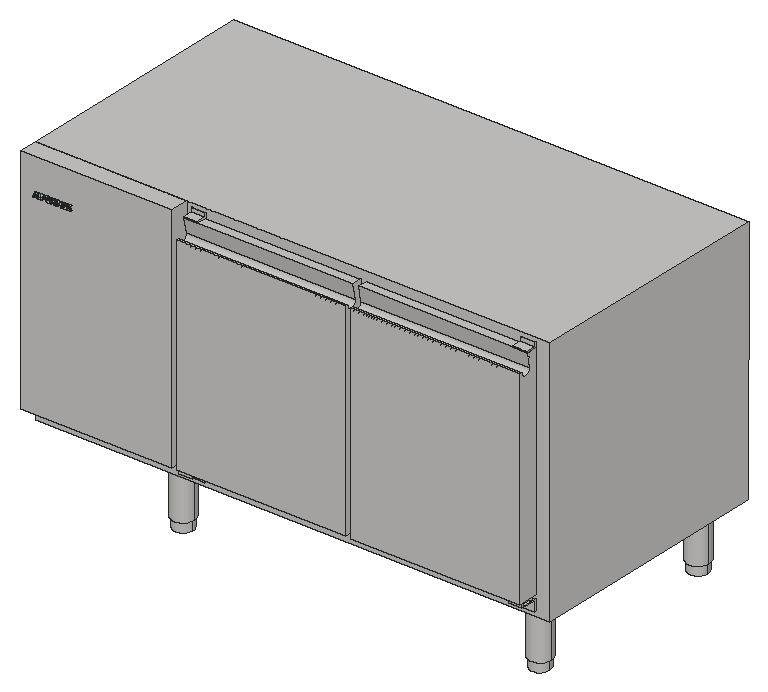
Revit family "QF_ALPENINOX_712675_AJ2F7AA", category Specialty Equipment, Revit 2018 (continued)
Definition of nested family "APX_BI_BT_L_650"
  Automatic sketch dimensions
    Extrusion 4 sketch curve to Extrusion 4 sketch curve = 0.31 mm  (x2)
    Extrusion 4 sketch curve to Extrusion 4 sketch curve = 0.473 mm
    Extrusion 4 sketch curve to Extrusion 4 sketch curve = 0.171 mm
    Extrusion 4 sketch curve to Extrusion 4 sketch curve = 0.674 mm
    Extrusion 4 sketch curve to Extrusion 4 sketch curve = 1.992 mm
    Extrusion 4 sketch curve to Extrusion 4 sketch curve = 5.4 mm
    Extrusion 4 sketch curve to Extrusion 4 sketch curve = 3.473 mm  (x2)
    Extrusion 4 sketch curve to Extrusion 4 sketch curve = 2.32 mm
    Extrusion 4 sketch curve to Extrusion 4 sketch curve = 2.431 mm
    Extrusion 4 sketch curve to Extrusion 4 sketch curve = 1.177 mm
    Extrusion 4 sketch curve to Extrusion 4 sketch curve = 0.966 mm
    Extrusion 4 sketch curve to Extrusion 4 sketch curve = 2.544 mm
    Extrusion 4 sketch curve to Extrusion 4 sketch curve = 0.346 mm
    Extrusion 4 sketch curve to Extrusion 4 sketch curve = 0.037 mm
    Extrusion 4 sketch curve to Extrusion 4 sketch curve = 2.58 mm  (x2)
    Extrusion 4 sketch curve to Extrusion 4 sketch curve = 0.793 mm  (x2)
    Extrusion 4 sketch curve to Extrusion 4 sketch curve = 0.276 mm
    Extrusion 4 sketch curve to Extrusion 4 sketch curve = 3.452 mm  (x2)
    Extrusion 4 sketch curve to Extrusion 4 sketch curve = 1.238 mm
    Extrusion 4 sketch curve to Extrusion 4 sketch curve = 3.023 mm
    Extrusion 4 sketch curve to Extrusion 4 sketch curve = 0.834 mm  (x2)
    Extrusion 4 sketch curve to Extrusion 4 sketch curve = 0.529 mm
    Extrusion 4 sketch curve to Extrusion 4 sketch curve = 0.823 mm  (x2)
    Extrusion 4 sketch curve to Extrusion 4 sketch curve = 0.947 mm
    Extrusion 4 sketch curve to Extrusion 4 sketch curve = 3.837 mm
    Extrusion 4 sketch curve to Extrusion 4 sketch curve = 0.623 mm
    Extrusion 4 sketch curve to Extrusion 4 sketch curve = 1.082 mm
    Extrusion 4 sketch curve to Extrusion 4 sketch curve = 0.801 mm
    Extrusion 4 sketch curve to Extrusion 4 sketch curve = 1 mm
    Extrusion 4 sketch curve to Extrusion 4 sketch curve = 0.089 mm
    Extrusion 4 sketch curve to Extrusion 4 sketch curve = 4.257 mm
    Extrusion 4 sketch curve to Extrusion 4 sketch curve = 4.345 mm  (x2)
    Extrusion 4 sketch curve to Extrusion 4 sketch curve = 2.576 mm
    Extrusion 4 sketch curve to Extrusion 4 sketch curve = 1.385 mm  (x4)
    Extrusion 4 sketch curve to Extrusion 4 sketch curve = 2.133 mm  (x4)
    Extrusion 4 sketch curve to Extrusion 4 sketch curve = 3.518 mm
    Extrusion 4 sketch curve to Extrusion 4 sketch curve = 3.032 mm
    Split face 198 sketch curve to Extrusion 2 = 0 mm  (x2)
    Split face 198 sketch curve to Extrusion 2 = 34 mm
    Split face 198 sketch curve to Extrusion 2 = 104 mm
    Split face 198 sketch curve to Split face 198 sketch curve = 17.5 mm
    Split face 134 sketch curve to Extrusion 2 = 135.544 mm
    Split face 134 sketch curve to Extrusion 2 = 128.176 mm
    Split face 135 sketch curve to Extrusion 2 = 80.544 mm
    Split face 135 sketch curve to Extrusion 2 = 128.176 mm
    Split face 136 sketch curve to Extrusion 2 = 135.544 mm
    Split face 136 sketch curve to Extrusion 2 = 140.176 mm
    Split face 137 sketch curve to Extrusion 2 = 80.544 mm
    Split face 137 sketch curve to Extrusion 2 = 140.176 mm
    Split face 138 sketch curve to Extrusion 2 = 135.544 mm
    Split face 138 sketch curve to Extrusion 2 = 152.176 mm
    Split face 139 sketch curve to Extrusion 2 = 80.544 mm
    Split face 139 sketch curve to Extrusion 2 = 152.176 mm
    Split face 140 sketch curve to Extrusion 2 = 135.544 mm
    Split face 140 sketch curve to Extrusion 2 = 164.176 mm
    Split face 141 sketch curve to Extrusion 2 = 80.544 mm
    Split face 141 sketch curve to Extrusion 2 = 164.176 mm
    Split face 142 sketch curve to Extrusion 2 = 135.544 mm
    Split face 142 sketch curve to Extrusion 2 = 176.176 mm
    Split face 143 sketch curve to Extrusion 2 = 80.544 mm
    Split face 143 sketch curve to Extrusion 2 = 176.176 mm
    Split face 144 sketch curve to Extrusion 2 = 135.544 mm
    Split face 144 sketch curve to Extrusion 2 = 188.176 mm
    Split face 145 sketch curve to Extrusion 2 = 80.544 mm
    Split face 145 sketch curve to Extrusion 2 = 188.176 mm
    Split face 146 sketch curve to Extrusion 2 = 135.544 mm
    Split face 146 sketch curve to Extrusion 2 = 200.176 mm
    Split face 147 sketch curve to Extrusion 2 = 80.544 mm
    Split face 147 sketch curve to Extrusion 2 = 200.176 mm
    Split face 148 sketch curve to Extrusion 2 = 135.544 mm
    Split face 148 sketch curve to Extrusion 2 = 212.176 mm
    Split face 149 sketch curve to Extrusion 2 = 80.544 mm
    Split face 149 sketch curve to Extrusion 2 = 212.176 mm
    Split face 150 sketch curve to Extrusion 2 = 135.544 mm
    Split face 150 sketch curve to Extrusion 2 = 224.176 mm
    Split face 151 sketch curve to Extrusion 2 = 80.544 mm
    Split face 151 sketch curve to Extrusion 2 = 224.176 mm
    Split face 152 sketch curve to Extrusion 2 = 135.544 mm
    Split face 152 sketch curve to Extrusion 2 = 236.176 mm
    Split face 153 sketch curve to Extrusion 2 = 80.544 mm
    Split face 153 sketch curve to Extrusion 2 = 236.176 mm
    Split face 154 sketch curve to Extrusion 2 = 135.544 mm
    Split face 154 sketch curve to Extrusion 2 = 248.176 mm
    Split face 155 sketch curve to Extrusion 2 = 80.544 mm
    Split face 155 sketch curve to Extrusion 2 = 248.176 mm
    Split face 156 sketch curve to Extrusion 2 = 135.544 mm
    Split face 156 sketch curve to Extrusion 2 = 260.176 mm
    Split face 157 sketch curve to Extrusion 2 = 80.544 mm
    Split face 157 sketch curve to Extrusion 2 = 260.176 mm
    Split face 158 sketch curve to Extrusion 2 = 135.544 mm
    Split face 158 sketch curve to Extrusion 2 = 272.176 mm
    Split face 159 sketch curve to Extrusion 2 = 80.544 mm
    Split face 159 sketch curve to Extrusion 2 = 272.176 mm
    Split face 160 sketch curve to Extrusion 2 = 135.544 mm
    Split face 160 sketch curve to Extrusion 2 = 284.176 mm
    Split face 161 sketch curve to Extrusion 2 = 80.544 mm
    Split face 161 sketch curve to Extrusion 2 = 284.176 mm
    Split face 162 sketch curve to Extrusion 2 = 135.544 mm
    Split face 162 sketch curve to Extrusion 2 = 296.176 mm
    Split face 163 sketch curve to Extrusion 2 = 80.544 mm
    Split face 163 sketch curve to Extrusion 2 = 296.176 mm
    Split face 164 sketch curve to Extrusion 2 = 135.544 mm
    Split face 164 sketch curve to Extrusion 2 = 308.176 mm
    Split face 165 sketch curve to Extrusion 2 = 80.544 mm
    Split face 165 sketch curve to Extrusion 2 = 308.176 mm
    Split face 166 sketch curve to Extrusion 2 = 135.544 mm
    Split face 166 sketch curve to Extrusion 2 = 192.174 mm
    Split face 167 sketch curve to Extrusion 2 = 80.544 mm
    Split face 167 sketch curve to Extrusion 2 = 192.174 mm
    Split face 168 sketch curve to Extrusion 2 = 135.544 mm
    Split face 168 sketch curve to Extrusion 2 = 180.174 mm
    Split face 169 sketch curve to Extrusion 2 = 80.544 mm
    Split face 169 sketch curve to Extrusion 2 = 180.174 mm
    Split face 170 sketch curve to Extrusion 2 = 135.544 mm
    Split face 170 sketch curve to Extrusion 2 = 168.174 mm
    Split face 171 sketch curve to Extrusion 2 = 80.544 mm
    Split face 171 sketch curve to Extrusion 2 = 168.174 mm
    Split face 172 sketch curve to Extrusion 2 = 135.544 mm
    Split face 172 sketch curve to Extrusion 2 = 156.174 mm
    Split face 173 sketch curve to Extrusion 2 = 80.544 mm
    Split face 173 sketch curve to Extrusion 2 = 156.174 mm
    Split face 174 sketch curve to Extrusion 2 = 135.544 mm
    Split face 174 sketch curve to Extrusion 2 = 144.174 mm
    Split face 175 sketch curve to Extrusion 2 = 80.544 mm
    Split face 175 sketch curve to Extrusion 2 = 144.174 mm
    Split face 176 sketch curve to Extrusion 2 = 135.544 mm
    Split face 176 sketch curve to Extrusion 2 = 132.174 mm
    Split face 177 sketch curve to Extrusion 2 = 80.544 mm
    Split face 177 sketch curve to Extrusion 2 = 132.174 mm
    Split face 178 sketch curve to Extrusion 2 = 135.544 mm
    Split face 178 sketch curve to Extrusion 2 = 120.174 mm
    Split face 179 sketch curve to Extrusion 2 = 80.544 mm
    Split face 179 sketch curve to Extrusion 2 = 120.174 mm
    Split face 180 sketch curve to Extrusion 2 = 135.544 mm
    Split face 180 sketch curve to Extrusion 2 = 108.174 mm
    Split face 181 sketch curve to Extrusion 2 = 80.544 mm
    Split face 181 sketch curve to Extrusion 2 = 108.174 mm
    Split face 182 sketch curve to Extrusion 2 = 135.544 mm
    Split face 182 sketch curve to Extrusion 2 = 96.174 mm
    Split face 183 sketch curve to Extrusion 2 = 80.544 mm
    Split face 183 sketch curve to Extrusion 2 = 96.174 mm
    Split face 184 sketch curve to Extrusion 2 = 135.544 mm
    Split face 184 sketch curve to Extrusion 2 = 84.174 mm
    Split face 185 sketch curve to Extrusion 2 = 80.544 mm
    Split face 185 sketch curve to Extrusion 2 = 84.174 mm
    Split face 186 sketch curve to Extrusion 2 = 135.544 mm
    Split face 186 sketch curve to Extrusion 2 = 72.174 mm
    Split face 187 sketch curve to Extrusion 2 = 80.544 mm
    Split face 187 sketch curve to Extrusion 2 = 72.174 mm
    Split face 188 sketch curve to Extrusion 2 = 135.544 mm
    Split face 188 sketch curve to Extrusion 2 = 60.174 mm
    Split face 189 sketch curve to Extrusion 2 = 80.544 mm
    Split face 189 sketch curve to Extrusion 2 = 60.174 mm
    Split face 190 sketch curve to Extrusion 2 = 56.174 mm
    Split face 190 sketch curve to Extrusion 2 = 135.544 mm
    Split face 191 sketch curve to Extrusion 2 = 80.544 mm
    Split face 191 sketch curve to Extrusion 2 = 48.174 mm
    Split face 192 sketch curve to Extrusion 2 = 44.174 mm
    Split face 192 sketch curve to Extrusion 2 = 135.544 mm
    Split face 193 sketch curve to Extrusion 2 = 80.544 mm
    Split face 193 sketch curve to Extrusion 2 = 36.174 mm
    Split face 194 sketch curve to Extrusion 2 = 32.174 mm
    Split face 194 sketch curve to Extrusion 2 = 135.544 mm
    Split face 195 sketch curve to Extrusion 2 = 32.174 mm
    Split face 195 sketch curve to Extrusion 2 = 80.544 mm
    Split face 196 sketch curve to Extrusion 2 = 20.174 mm
    Split face 196 sketch curve to Extrusion 2 = 135.544 mm
    Split face 197 sketch curve to Extrusion 2 = 20.174 mm
    Split face 197 sketch curve to Extrusion 2 = 80.544 mm
    Split face 4 sketch curve to Extrusion 2 = 38.456 mm
    Split face 4 sketch curve to Extrusion 2 = 128.176 mm
    Split face 5 sketch curve to Extrusion 2 = 190.544 mm
    Split face 5 sketch curve to Extrusion 2 = 128.176 mm
    Split face 6 sketch curve to Extrusion 2 = 93.456 mm
    Split face 6 sketch curve to Extrusion 2 = 128.176 mm
    Split face 7 sketch curve to Extrusion 2 = 148.456 mm
    Split face 7 sketch curve to Extrusion 2 = 128.176 mm
    Split face 9 sketch curve to Extrusion 2 = 38.456 mm
    Split face 9 sketch curve to Extrusion 2 = 140.176 mm
    Split face 10 sketch curve to Extrusion 2 = 190.544 mm
    Split face 10 sketch curve to Extrusion 2 = 140.176 mm
    Split face 11 sketch curve to Extrusion 2 = 93.456 mm
    Split face 11 sketch curve to Extrusion 2 = 140.176 mm
    Split face 12 sketch curve to Extrusion 2 = 148.456 mm
    Split face 12 sketch curve to Extrusion 2 = 140.176 mm
    Split face 13 sketch curve to Extrusion 2 = 38.456 mm
    Split face 13 sketch curve to Extrusion 2 = 152.176 mm
    Split face 14 sketch curve to Extrusion 2 = 190.544 mm
    Split face 14 sketch curve to Extrusion 2 = 152.176 mm
    Split face 15 sketch curve to Extrusion 2 = 93.456 mm
    Split face 15 sketch curve to Extrusion 2 = 152.176 mm
    Split face 16 sketch curve to Extrusion 2 = 148.456 mm
    Split face 16 sketch curve to Extrusion 2 = 152.176 mm
    Split face 17 sketch curve to Extrusion 2 = 38.456 mm
    Split face 17 sketch curve to Extrusion 2 = 164.176 mm
    Split face 18 sketch curve to Extrusion 2 = 190.544 mm
    Split face 18 sketch curve to Extrusion 2 = 164.176 mm
    Split face 19 sketch curve to Extrusion 2 = 93.456 mm
    Split face 19 sketch curve to Extrusion 2 = 164.176 mm
    Split face 20 sketch curve to Extrusion 2 = 148.456 mm
    Split face 20 sketch curve to Extrusion 2 = 164.176 mm
    Split face 21 sketch curve to Extrusion 2 = 38.456 mm
    Split face 21 sketch curve to Extrusion 2 = 176.176 mm
    Split face 22 sketch curve to Extrusion 2 = 190.544 mm
    Split face 22 sketch curve to Extrusion 2 = 176.176 mm
    Split face 23 sketch curve to Extrusion 2 = 93.456 mm
    Split face 23 sketch curve to Extrusion 2 = 176.176 mm
    Split face 24 sketch curve to Extrusion 2 = 148.456 mm
    Split face 24 sketch curve to Extrusion 2 = 176.176 mm
    Split face 25 sketch curve to Extrusion 2 = 38.456 mm
    Split face 25 sketch curve to Extrusion 2 = 188.176 mm
    Split face 26 sketch curve to Extrusion 2 = 190.544 mm
    Split face 26 sketch curve to Extrusion 2 = 188.176 mm
    Split face 27 sketch curve to Extrusion 2 = 93.456 mm
    Split face 27 sketch curve to Extrusion 2 = 188.176 mm
    Split face 28 sketch curve to Extrusion 2 = 148.456 mm
    Split face 28 sketch curve to Extrusion 2 = 188.176 mm
    Split face 29 sketch curve to Extrusion 2 = 38.456 mm
    Split face 29 sketch curve to Extrusion 2 = 200.176 mm
    Split face 30 sketch curve to Extrusion 2 = 190.544 mm
    Split face 30 sketch curve to Extrusion 2 = 200.176 mm
    Split face 31 sketch curve to Extrusion 2 = 93.456 mm
    Split face 31 sketch curve to Extrusion 2 = 200.176 mm
    Split face 32 sketch curve to Extrusion 2 = 148.456 mm
    Split face 32 sketch curve to Extrusion 2 = 200.176 mm
    Split face 33 sketch curve to Extrusion 2 = 38.456 mm
    Split face 33 sketch curve to Extrusion 2 = 212.176 mm
    Split face 34 sketch curve to Extrusion 2 = 190.544 mm
    Split face 34 sketch curve to Extrusion 2 = 212.176 mm
    Split face 35 sketch curve to Extrusion 2 = 93.456 mm
    Split face 35 sketch curve to Extrusion 2 = 212.176 mm
    Split face 36 sketch curve to Extrusion 2 = 148.456 mm
    Split face 36 sketch curve to Extrusion 2 = 212.176 mm
    Split face 37 sketch curve to Extrusion 2 = 38.456 mm
    Split face 37 sketch curve to Extrusion 2 = 224.176 mm
    Split face 38 sketch curve to Extrusion 2 = 190.544 mm
    Split face 38 sketch curve to Extrusion 2 = 224.176 mm
    Split face 39 sketch curve to Extrusion 2 = 93.456 mm
    Split face 39 sketch curve to Extrusion 2 = 224.176 mm
    Split face 40 sketch curve to Extrusion 2 = 148.456 mm
    Split face 40 sketch curve to Extrusion 2 = 224.176 mm
    Split face 41 sketch curve to Extrusion 2 = 38.456 mm
    Split face 41 sketch curve to Extrusion 2 = 236.176 mm
    Split face 42 sketch curve to Extrusion 2 = 190.544 mm
    Split face 42 sketch curve to Extrusion 2 = 236.176 mm
    Split face 43 sketch curve to Extrusion 2 = 93.456 mm
    Split face 43 sketch curve to Extrusion 2 = 236.176 mm
    Split face 44 sketch curve to Extrusion 2 = 148.456 mm
    Split face 44 sketch curve to Extrusion 2 = 236.176 mm
    Split face 45 sketch curve to Extrusion 2 = 38.456 mm
    Split face 45 sketch curve to Extrusion 2 = 248.176 mm
    Split face 46 sketch curve to Extrusion 2 = 190.544 mm
    Split face 46 sketch curve to Extrusion 2 = 248.176 mm
    Split face 47 sketch curve to Extrusion 2 = 93.456 mm
    Split face 47 sketch curve to Extrusion 2 = 248.176 mm
    Split face 48 sketch curve to Extrusion 2 = 148.456 mm
    Split face 48 sketch curve to Extrusion 2 = 248.176 mm
    Split face 49 sketch curve to Extrusion 2 = 38.456 mm
    Split face 49 sketch curve to Extrusion 2 = 260.176 mm
    Split face 50 sketch curve to Extrusion 2 = 190.544 mm
    Split face 50 sketch curve to Extrusion 2 = 260.176 mm
    Split face 51 sketch curve to Extrusion 2 = 93.456 mm
    Split face 51 sketch curve to Extrusion 2 = 260.176 mm
    Split face 52 sketch curve to Extrusion 2 = 148.456 mm
    Split face 52 sketch curve to Extrusion 2 = 260.176 mm
    Split face 53 sketch curve to Extrusion 2 = 38.456 mm
    Split face 53 sketch curve to Extrusion 2 = 272.176 mm
    Split face 54 sketch curve to Extrusion 2 = 190.544 mm
    Split face 54 sketch curve to Extrusion 2 = 272.176 mm
    Split face 55 sketch curve to Extrusion 2 = 93.456 mm
    Split face 55 sketch curve to Extrusion 2 = 272.176 mm
    Split face 56 sketch curve to Extrusion 2 = 148.456 mm
    Split face 56 sketch curve to Extrusion 2 = 272.176 mm
    Split face 57 sketch curve to Extrusion 2 = 38.456 mm
    Split face 57 sketch curve to Extrusion 2 = 284.176 mm
    Split face 58 sketch curve to Extrusion 2 = 190.544 mm
    Split face 58 sketch curve to Extrusion 2 = 284.176 mm
    Split face 59 sketch curve to Extrusion 2 = 93.456 mm
    Split face 59 sketch curve to Extrusion 2 = 284.176 mm
    Split face 60 sketch curve to Extrusion 2 = 148.456 mm
    Split face 60 sketch curve to Extrusion 2 = 284.176 mm
    Split face 61 sketch curve to Extrusion 2 = 38.456 mm
    Split face 61 sketch curve to Extrusion 2 = 296.176 mm
    Split face 62 sketch curve to Extrusion 2 = 190.544 mm
    Split face 62 sketch curve to Extrusion 2 = 296.176 mm
    Split face 63 sketch curve to Extrusion 2 = 93.456 mm
    Split face 63 sketch curve to Extrusion 2 = 296.176 mm
    Split face 64 sketch curve to Extrusion 2 = 148.456 mm
    Split face 64 sketch curve to Extrusion 2 = 296.176 mm
    Split face 65 sketch curve to Extrusion 2 = 38.456 mm
    Split face 65 sketch curve to Extrusion 2 = 308.176 mm
    Split face 66 sketch curve to Extrusion 2 = 190.544 mm
    Split face 66 sketch curve to Extrusion 2 = 308.176 mm
    Split face 67 sketch curve to Extrusion 2 = 93.456 mm
    Split face 67 sketch curve to Extrusion 2 = 308.176 mm
    Split face 68 sketch curve to Extrusion 2 = 148.456 mm
    Split face 68 sketch curve to Extrusion 2 = 308.176 mm
    Split face 70 sketch curve to Extrusion 2 = 38.456 mm
    Split face 70 sketch curve to Extrusion 2 = 192.174 mm
    Split face 71 sketch curve to Extrusion 2 = 190.544 mm
    Split face 71 sketch curve to Extrusion 2 = 192.174 mm
    Split face 72 sketch curve to Extrusion 2 = 93.456 mm
    Split face 72 sketch curve to Extrusion 2 = 192.174 mm
    Split face 73 sketch curve to Extrusion 2 = 148.456 mm
    Split face 73 sketch curve to Extrusion 2 = 192.174 mm
    Split face 74 sketch curve to Extrusion 2 = 38.456 mm
    Split face 74 sketch curve to Extrusion 2 = 180.174 mm
    Split face 75 sketch curve to Extrusion 2 = 190.544 mm
    Split face 75 sketch curve to Extrusion 2 = 180.174 mm
    Split face 76 sketch curve to Extrusion 2 = 93.456 mm
    Split face 76 sketch curve to Extrusion 2 = 180.174 mm
    Split face 77 sketch curve to Extrusion 2 = 148.456 mm
    Split face 77 sketch curve to Extrusion 2 = 180.174 mm
    Split face 78 sketch curve to Extrusion 2 = 38.456 mm
    Split face 78 sketch curve to Extrusion 2 = 168.174 mm
    Split face 79 sketch curve to Extrusion 2 = 190.544 mm
    Split face 79 sketch curve to Extrusion 2 = 168.174 mm
    Split face 80 sketch curve to Extrusion 2 = 93.456 mm
    Split face 80 sketch curve to Extrusion 2 = 168.174 mm
    Split face 81 sketch curve to Extrusion 2 = 148.456 mm
    Split face 81 sketch curve to Extrusion 2 = 168.174 mm
    Split face 82 sketch curve to Extrusion 2 = 38.456 mm
    Split face 82 sketch curve to Extrusion 2 = 156.174 mm
    Split face 83 sketch curve to Extrusion 2 = 190.544 mm
    Split face 83 sketch curve to Extrusion 2 = 156.174 mm
    Split face 84 sketch curve to Extrusion 2 = 93.456 mm
    Split face 84 sketch curve to Extrusion 2 = 156.174 mm
    Split face 85 sketch curve to Extrusion 2 = 148.456 mm
    Split face 85 sketch curve to Extrusion 2 = 156.174 mm
    Split face 86 sketch curve to Extrusion 2 = 38.456 mm
    Split face 86 sketch curve to Extrusion 2 = 144.174 mm
    Split face 87 sketch curve to Extrusion 2 = 190.544 mm
    Split face 87 sketch curve to Extrusion 2 = 144.174 mm
    Split face 88 sketch curve to Extrusion 2 = 93.456 mm
    Split face 88 sketch curve to Extrusion 2 = 144.174 mm
    Split face 89 sketch curve to Extrusion 2 = 148.456 mm
    Split face 89 sketch curve to Extrusion 2 = 144.174 mm
    Split face 90 sketch curve to Extrusion 2 = 38.456 mm
    Split face 90 sketch curve to Extrusion 2 = 132.174 mm
    Split face 91 sketch curve to Extrusion 2 = 190.544 mm
    Split face 91 sketch curve to Extrusion 2 = 132.174 mm
    Split face 92 sketch curve to Extrusion 2 = 93.456 mm
    Split face 92 sketch curve to Extrusion 2 = 132.174 mm
    Split face 93 sketch curve to Extrusion 2 = 148.456 mm
    Split face 93 sketch curve to Extrusion 2 = 132.174 mm
    Split face 94 sketch curve to Extrusion 2 = 38.456 mm
    Split face 94 sketch curve to Extrusion 2 = 120.174 mm
    Split face 95 sketch curve to Extrusion 2 = 190.544 mm
    Split face 95 sketch curve to Extrusion 2 = 120.174 mm
    Split face 96 sketch curve to Extrusion 2 = 93.456 mm
    Split face 96 sketch curve to Extrusion 2 = 120.174 mm
    Split face 97 sketch curve to Extrusion 2 = 148.456 mm
    Split face 97 sketch curve to Extrusion 2 = 120.174 mm
    Split face 98 sketch curve to Extrusion 2 = 38.456 mm
    Split face 98 sketch curve to Extrusion 2 = 108.174 mm
    Split face 99 sketch curve to Extrusion 2 = 190.544 mm
    Split face 99 sketch curve to Extrusion 2 = 108.174 mm
    Split face 100 sketch curve to Extrusion 2 = 93.456 mm
    Split face 100 sketch curve to Extrusion 2 = 108.174 mm
    Split face 101 sketch curve to Extrusion 2 = 148.456 mm
    Split face 101 sketch curve to Extrusion 2 = 108.174 mm
    Split face 102 sketch curve to Extrusion 2 = 38.456 mm
    Split face 102 sketch curve to Extrusion 2 = 96.174 mm
    Split face 103 sketch curve to Extrusion 2 = 190.544 mm
    Split face 103 sketch curve to Extrusion 2 = 96.174 mm
    Split face 104 sketch curve to Extrusion 2 = 93.456 mm
    Split face 104 sketch curve to Extrusion 2 = 96.174 mm
    Split face 105 sketch curve to Extrusion 2 = 148.456 mm
    Split face 105 sketch curve to Extrusion 2 = 96.174 mm
    Split face 106 sketch curve to Extrusion 2 = 38.456 mm
    Split face 106 sketch curve to Extrusion 2 = 84.174 mm
    Split face 107 sketch curve to Extrusion 2 = 92.174 mm
    Split face 107 sketch curve to Extrusion 2 = 190.544 mm
    Split face 108 sketch curve to Extrusion 2 = 93.456 mm
    Split face 108 sketch curve to Extrusion 2 = 84.174 mm
    Split face 109 sketch curve to Extrusion 2 = 148.456 mm
    Split face 109 sketch curve to Extrusion 2 = 84.174 mm
    Split face 110 sketch curve to Extrusion 2 = 38.456 mm
    Split face 110 sketch curve to Extrusion 2 = 72.174 mm
    Split face 111 sketch curve to Extrusion 2 = 80.174 mm
    Split face 111 sketch curve to Extrusion 2 = 190.544 mm
    Split face 112 sketch curve to Extrusion 2 = 93.456 mm
    Split face 112 sketch curve to Extrusion 2 = 72.174 mm
    Split face 113 sketch curve to Extrusion 2 = 148.456 mm
    Split face 113 sketch curve to Extrusion 2 = 72.174 mm
    Split face 114 sketch curve to Extrusion 2 = 38.456 mm
    Split face 114 sketch curve to Extrusion 2 = 60.174 mm
    Split face 115 sketch curve to Extrusion 2 = 68.174 mm
    Split face 115 sketch curve to Extrusion 2 = 190.544 mm
    Split face 116 sketch curve to Extrusion 2 = 93.456 mm
    Split face 116 sketch curve to Extrusion 2 = 60.174 mm
    Split face 117 sketch curve to Extrusion 2 = 68.174 mm
    Split face 117 sketch curve to Extrusion 2 = 148.456 mm
    Split face 118 sketch curve to Extrusion 2 = 38.456 mm
    Split face 118 sketch curve to Extrusion 2 = 48.174 mm
    Split face 119 sketch curve to Extrusion 2 = 56.174 mm
    Split face 119 sketch curve to Extrusion 2 = 190.544 mm
    Split face 120 sketch curve to Extrusion 2 = 93.456 mm
    Split face 120 sketch curve to Extrusion 2 = 48.174 mm
    Split face 121 sketch curve to Extrusion 2 = 56.174 mm
    Split face 121 sketch curve to Extrusion 2 = 148.456 mm
    Split face 122 sketch curve to Extrusion 2 = 38.456 mm
    Split face 122 sketch curve to Extrusion 2 = 36.174 mm
    Split face 123 sketch curve to Extrusion 2 = 44.174 mm
    Split face 123 sketch curve to Extrusion 2 = 190.544 mm
    Split face 124 sketch curve to Extrusion 2 = 44.174 mm
    Split face 124 sketch curve to Extrusion 2 = 93.456 mm
    Split face 125 sketch curve to Extrusion 2 = 44.174 mm
    Split face 125 sketch curve to Extrusion 2 = 148.456 mm
    Split face 126 sketch curve to Extrusion 2 = 38.456 mm
    Split face 126 sketch curve to Extrusion 2 = 24.174 mm
    Split face 127 sketch curve to Extrusion 2 = 32.174 mm
    Split face 127 sketch curve to Extrusion 2 = 190.544 mm
    Split face 128 sketch curve to Extrusion 2 = 32.174 mm
    Split face 128 sketch curve to Extrusion 2 = 93.456 mm
    Split face 129 sketch curve to Extrusion 2 = 32.174 mm
    Split face 129 sketch curve to Extrusion 2 = 148.456 mm
    Split face 130 sketch curve to Extrusion 2 = 38.456 mm
    Split face 130 sketch curve to Extrusion 2 = 12.174 mm
    Split face 131 sketch curve to Extrusion 2 = 20.174 mm
    Split face 131 sketch curve to Extrusion 2 = 190.544 mm
    Split face 132 sketch curve to Extrusion 2 = 20.174 mm
    Split face 132 sketch curve to Extrusion 2 = 93.456 mm
    Split face 133 sketch curve to Extrusion 2 = 20.174 mm
    Split face 133 sketch curve to Extrusion 2 = 148.456 mm
    curve 1 to level = 0 mm
    curve 1 to plane 5 = 0 mm
    curve 1 to curve 1 = 50 mm
Definition of nested family "APX_SD_L_650"
  Parameters
    Show Clearance [instance] = yes
    Default Elevation = 1219.2 mm
  Reference planes
    plane 1 "Center (Front/Back)": y = 28.12
    plane 2: z = 0
    plane 3 "Center (Left/Right)": x = 0
    plane 4: x = -234
    plane 5: x = 234
  Forms (mm)
    Extrusion 1, solid
      sketch origin (0, 0, 0) x (1, 0, 0) y (0, 1, 0)
        loop
          line (-1219.2, 1219.2) -> (-1219.2, -1219.2) -> (1219.2, -1219.2) -> (1219.2, 1219.2) -> (-1219.2, 1219.2)
      from 0 to -304.8
    Extrusion 2, solid
      sketch origin (0, 53.12, -3) x (0, 1, 0) y (0, 0, 1)
        loop
          line (-314, 53) -> (-314, 3) -> (264, 3) -> (264, 29) -> (224.395, 20)
          arc (224.395, 20) -> (210.396, 33.803) -> (224, 47.994) r 14
          line (224, 47.994) -> (224, 53) -> (-314, 53)
      from -220 to 220
    Extrusion 3, solid
      sketch origin (0, 53.12, 0) x (0, 1, 0) y (0, 0, -1)
        loop
          line (-323.003, -40.312) -> (-323.003, -12.259) -> (-323.003, 0) -> (-351.511, 0) -> (-351.511, -2.5) -> (-325.503, -2.5) -> (-325.503, -42.812) -> (-316.501, -42.812) -> (-316.501, -40.312) -> (-323.003, -40.312)
        loop
          line (-314, -38.311) -> (-314, -11.804) -> (-319.752, -11.804) -> (-319.752, -14.304) -> (-316.501, -14.304) -> (-316.501, -38.311) -> (-314, -38.311)
        loop
          line (265.003, -27.948) -> (267.503, -27.948) -> (267.503, -2.5) -> (277.503, -2.5) -> (277.503, 0) -> (265.003, 0) -> (265.003, -2.948) -> (265.003, -27.948)
      from 185 to 220
    Extrusion 4, solid, visible <- "Show Clearance", detail levels coarse
      sketch origin (0, 28.12, -3) x (-1, 0, 0) y (0, 0, -1)
        loop
          line (220, -53) -> (-220, -53)
          arc (-220, -53) -> (-79.636, -340.04) -> (220, -451) r 430
          line (220, -451) -> (220, -53)
      from -289 to 289
  Lines and regions (mm)
    symbolic lines
      curve 1: arc (219.599, 0, 55) -> (95.934, 0, 321.503) -> (-170, 0, 446.39) r 430
      curve 2: line (-220, 0, 55) -> (-220, 0, 448)
      curve 3: line (-170, 0, 55) -> (-170, 0, 448)
      curve 4: line (-220, 0, 448) -> (-170, 0, 448)
  Dimensions and locks
    plane 4 to plane 3 "Center (Left/Right)" to plane 5 = 234 mm locked, 234 mm locked
    aligned and locked: plane 2 to Extrusion 1
    aligned and locked: level to Extrusion 1
Definition of nested family "APX_SD_R_650"
  Parameters
    Show Clearance [instance] = yes
    Default Elevation = 1219.2 mm
  Reference planes
    plane 1 "Center (Front/Back)": y = 28.12
    plane 2: z = 0
    plane 3 "Center (Left/Right)": x = 0
    plane 4: x = -234
    plane 5: x = 234
  Forms (mm)
    Extrusion 1, solid
      sketch origin (0, 0, 0) x (1, 0, 0) y (0, 1, 0)
        loop
          line (-1219.2, 1219.2) -> (-1219.2, -1219.2) -> (1219.2, -1219.2) -> (1219.2, 1219.2) -> (-1219.2, 1219.2)
      from 0 to -304.8
    Extrusion 2, solid
      sketch origin (0, 53.12, -3) x (0, 1, 0) y (0, 0, 1)
        loop
          line (-314, 53) -> (-314, 3) -> (264, 3) -> (264, 29) -> (224.395, 20)
          arc (224.395, 20) -> (210.396, 33.803) -> (224, 47.994) r 14
          line (224, 47.994) -> (224, 53) -> (-314, 53)
      from -220 to 220
    Extrusion 3, solid, visible <- "Show Clearance", detail levels coarse
      sketch origin (0, 28.12, -3) x (-1, 0, 0) y (0, 0, -1)
        loop
          line (220, -53) -> (-220, -53) -> (-220, -451)
          arc (-220, -451) -> (79.636, -340.04) -> (220, -53) r 430
      from -289 to 289
    Extrusion 4, solid
      sketch origin (0, 53.12, 0) x (0, 1, 0) y (0, 0, 1)
        loop
          line (-323.003, 40.312) -> (-316.501, 40.312) -> (-316.501, 42.812) -> (-325.503, 42.812) -> (-325.503, 2.5) -> (-351.511, 2.5) -> (-351.511, 0) -> (-323.003, 0) -> (-323.003, 12.259) -> (-323.003, 40.312)
        loop
          line (-314, 38.311) -> (-316.501, 38.311) -> (-316.501, 14.304) -> (-319.752, 14.304) -> (-319.752, 11.804) -> (-314, 11.804) -> (-314, 38.311)
        loop
          line (265.003, 27.948) -> (265.003, 2.948) -> (265.003, 0) -> (277.503, 0) -> (277.503, 2.5) -> (267.503, 2.5) -> (267.503, 27.948) -> (265.003, 27.948)
      from 185 to 220
  Lines and regions (mm)
    symbolic lines
      curve 1: arc (-219.599, 0, 54.79) -> (-95.934, 0, 321.293) -> (170, 0, 446.179) r 430
      curve 2: line (220, 0, 54.79) -> (220, 0, 447.79)
      curve 3: line (170, 0, 54.79) -> (170, 0, 447.79)
      curve 4: line (220, 0, 447.79) -> (170, 0, 447.79)
  Dimensions and locks
    plane 4 to plane 3 "Center (Left/Right)" to plane 5 = 234 mm locked, 234 mm locked
    aligned and locked: plane 2 to Extrusion 1
    aligned and locked: level to Extrusion 1
Definition of nested family "Freezer"
  Reference planes
    plane 1 "Center (Front/Back)": y = 0
    plane 2: z = 0
    plane 3 "Center (Left/Right)": x = 0
  Lines and regions (mm)
    detail lines, in view "Ref. Level"
      curve 1: spline (-500, 190, 0) -> (-493.185, 166.706, 0) -> (-473.205, 145, 0) -> (-441.421, 126.36, 0) -> (-400, 112.058, 0) -> (-351.764, 103.067, 0) -> (-300, 100, 0) -> (-248.236, 103.067, 0) -> (-200, 112.058, 0) -> (-158.579, 126.36, 0) -> (-126.795, 145, 0) -> (-106.815, 166.706, 0) -> (-100, 190, 0) -> (-106.815, 213.294, 0) -> (-126.795, 235, 0) -> (-158.579, 253.64, 0) -> (-200, 267.942, 0) -> (-248.236, 276.933, 0) -> (-300, 280, 0) -> (-351.764, 276.933, 0) -> (-400, 267.942, 0) -> (-441.421, 253.64, 0) -> (-473.205, 235, 0) -> (-493.185, 213.294, 0) -> (-500, 190, 0)
      curve 2: line (-220, 130, 0) -> (-220, 250, 0)
      curve 3: line (-271.962, 220, 0) -> (-168.038, 160, 0)
      curve 4: line (-271.962, 160, 0) -> (-168.038, 220, 0)
      curve 5: line (-200.884, 246.873, 0) -> (-220, 225, 0)
      curve 6: line (-220, 225, 0) -> (-239.116, 246.873, 0)
      curve 7: line (-250.311, 207.5, 0) -> (-260, 235.883, 0)
      curve 8: line (-279.736, 201.7, 0) -> (-250.311, 207.5, 0)
      curve 9: line (-250.311, 172.5, 0) -> (-279.736, 178.3, 0)
      curve 10: line (-260, 144.117, 0) -> (-250.311, 172.5, 0)
      curve 11: line (-220, 155, 0) -> (-239.116, 133.127, 0)
      curve 12: line (-200.884, 133.127, 0) -> (-220, 155, 0)
      curve 13: line (-189.689, 172.5, 0) -> (-180.304, 145.008, 0)
      curve 14: line (-161.188, 178.118, 0) -> (-189.689, 172.5, 0)
      curve 15: line (-189.689, 207.5, 0) -> (-161.188, 201.882, 0)
      curve 16: line (-180.304, 234.992, 0) -> (-189.689, 207.5, 0)
      curve 17: line (-380, 130, 0) -> (-380, 250, 0)
      curve 18: line (-431.962, 220, 0) -> (-328.038, 160, 0)
      curve 19: line (-431.962, 160, 0) -> (-328.038, 220, 0)
      curve 20: line (-360.884, 246.873, 0) -> (-380, 225, 0)
      curve 21: line (-380, 225, 0) -> (-399.116, 246.873, 0)
      curve 22: line (-410.311, 207.5, 0) -> (-419.696, 234.992, 0)
      curve 23: line (-438.812, 201.882, 0) -> (-410.311, 207.5, 0)
      curve 24: line (-410.311, 172.5, 0) -> (-438.812, 178.118, 0)
      curve 25: line (-419.696, 145.008, 0) -> (-410.311, 172.5, 0)
      curve 26: line (-380, 155, 0) -> (-399.116, 133.127, 0)
      curve 27: line (-360.884, 133.127, 0) -> (-380, 155, 0)
      curve 28: line (-349.689, 172.5, 0) -> (-340, 144.117, 0)
      curve 29: line (-320.264, 178.3, 0) -> (-349.689, 172.5, 0)
      curve 30: line (-349.689, 207.5, 0) -> (-320.264, 201.7, 0)
      curve 31: line (-340, 235.883, 0) -> (-349.689, 207.5, 0)
